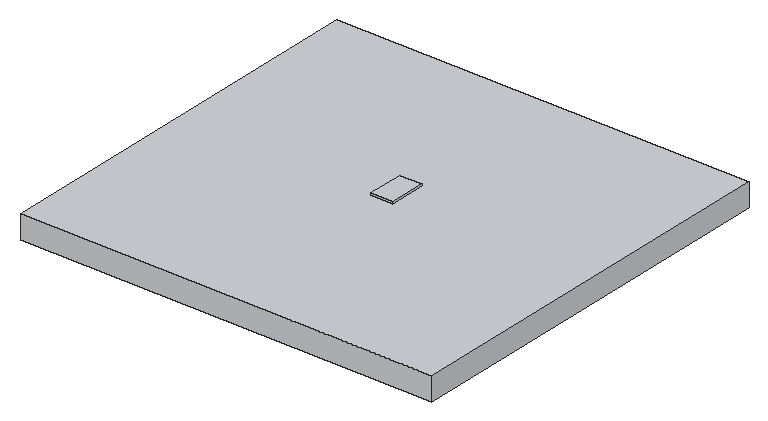
Revit family "Receptacle - BA", category Electrical Fixtures, host Face, Revit 2018
Family settings
  Host = Face
  Maintain Annotation Orientation = Yes
  Round Connector Dimension = Use Diameter
  Part Type = Normal
  Cut with Voids When Loaded = Yes
  Shared = No
  Room Calculation Point = No
Parameters (values of type "Duplex GFCI")
  Y2 [instance] = if(Mount Sideways, Faceplate Width, Faceplate Height)  # 0' - 4 1/2"
  Y1 [instance] = if(Mount Sideways, Box Width, Box Height)  # 0' - 3"
  X2 [instance] = if(Mount Sideways, Faceplate Height, Faceplate Width)  # 0' - 2 3/4"
  X1 [instance] = if(Mount Sideways, Box Height, Box Width)  # 0' - 1 1/2"
  Voltage [instance] = 120 V
  Switched = no
  Special = no
  Simplex = no
  Quad = no
  Number of Poles [instance] = 1
  Mount Sideways [instance] = no
  Load Classification [instance] = Receptacle
  GFCI = yes
  Faceplate Width = 0' - 2 3/4"
  Faceplate Height = 0' - 4 1/2"
  Duplex = yes
  Default Elevation = 3' - 6"
  Box Width = 0' - 1 1/2"
  Box Height = 0' - 3"
  Assembly Code = ""
  Apparent Load [instance] = 180 VA
Types (7): name | Voltage | Switched | Special | Simplex | Quad | GFCI | Duplex | Default Elevation
  Duplex | 120 V | no | no | no | no | no | yes | 1' - 6"
  Duplex GFCI | 120 V | no | no | no | no | yes | yes | 3' - 6"
  Simplex | 120 V | no | no | yes | no | no | no | 1' - 6"
  Quad | 120 V | no | no | no | yes | no | yes | 1' - 6"
  Quad GFCI | 120 V | no | no | no | yes | yes | yes | 3' - 6"
  Special | 208 V | no | yes | no | no | no | no | 1' - 6"
  Switched | 120 V | yes | no | no | no | no | yes | 1' - 6"
Reference planes (in)
  plane 1 "Center (Front/Back)": y = 0
  plane 2: z = 0
  plane 3 "Center (Left/Right)": x = 0
  plane 4: x = -1.375
  plane 5: x = 1.375
  plane 6: x = -0.75
  plane 7: x = 0.75
  plane 8: y = 2.25
  plane 9: y = -2.25
  plane 10: y = 1.5
  plane 11: y = -1.5
  plane 12 "level above": z = 0.1875
  plane 13 "level below": z = -2.125
Forms (in)
  Extrusion 1, solid
    sketch origin (0, 0, 0) x (1, 0, 0) y (0, 1, 0)
      loop
        line (-25.375, 22.5) -> (-25.375, -26.25) -> (25.375, -26.25) -> (25.375, 22.5) -> (-25.375, 22.5)
    from 0 to -2.86111
  Extrusion 2, solid
    sketch origin (0, 0, 0) x (1, 0, 0) y (0, 1, 0)
      loop
        line (-1.375, 2.25) -> (-1.375, -2.25) -> (1.375, -2.25) -> (1.375, 2.25) -> (-1.375, 2.25)
    from 0 to 0.1875
  Extrusion 3, solid, detail levels medium+fine
    sketch origin (0, 0, 0) x (1, 0, 0) y (0, 1, 0)
      loop
        line (-0.75, 1.5) -> (-0.75, -1.5) -> (0.75, -1.5) -> (0.75, 1.5) -> (-0.75, 1.5)
    from 0 to -2.125
Dimensions and locks (in)
  equal spacing: plane 6, plane 3 "Center (Left/Right)", plane 7
  "X1": plane 6 to plane 7
  equal spacing: plane 4, plane 3 "Center (Left/Right)", plane 5
  "X2": plane 4 to plane 5
  "Y2": plane 8 to plane 9
  locked: plane 12 "level above" to level at 0.1875
  locked: level to plane 13 "level below" at 2.125
  "Y1": plane 10 to plane 11
  equal spacing: plane 10, plane 1 "Center (Front/Back)", plane 11
  equal spacing: plane 8, plane 1 "Center (Front/Back)", plane 9
  aligned and locked: plane 2 to Extrusion 1
  aligned and locked: level to Extrusion 1
  aligned and locked: plane 8 to Extrusion 2
  aligned and locked: Extrusion 2 to plane 9
  aligned and locked: plane 5 to Extrusion 2
  aligned and locked: Extrusion 2 to plane 4
  aligned and locked: Extrusion 2 to level
  aligned and locked: plane 12 "level above" to Extrusion 2
  aligned and locked: plane 10 to Extrusion 3
  aligned and locked: Extrusion 3 to plane 6
  aligned and locked: plane 7 to Extrusion 3
  aligned and locked: Extrusion 3 to plane 11
  aligned and locked: Extrusion 3 to level
  aligned and locked: Extrusion 3 to plane 13 "level below"
Automatic sketch dimensions
  Extrusion 2 sketch curve to plane 4 = 0' - 0"
  Extrusion 2 sketch curve to plane 5 = 0' - 0"
  Extrusion 2 sketch curve to plane 9 = 0' - 0"
  Extrusion 2 sketch curve to plane 8 = 0' - 0"
  Extrusion 3 sketch curve to plane 6 = 0' - 0"
  Extrusion 3 sketch curve to plane 7 = 0' - 0"
  Extrusion 3 sketch curve to plane 11 = 0' - 0"
  Extrusion 3 sketch curve to plane 10 = 0' - 0"
  Extrusion 1 sketch curve to Extrusion 1 sketch curve = 4' - 2 3/4"
  Extrusion 1 sketch curve to Extrusion 1 sketch curve = 4' - 0 3/4"
Nested families (in)
  nested 1: "Receptacle Anno - BA" at (0, 0, 0), type "Receptacle Anno - BA"
Connectors (in)
  electrical at (0, 1.5, -1.0625), driven by "Voltage", driven by "Apparent Load", driven by "Load Classification", driven by "Apparent Load", driven by "Number of Poles"
    settings: on Extrusion 3, index 1, voltage 120 V, apparent load 180 VA, apparent load phase1 180 VA, apparent load phase2 0 VA, apparent load phase3 0 VA, power factor 1, load classification "Receptacle", number of poles 1, system type 30, power factor state 1, is connector primary yes, connector utility no, sub classification motor no, connector description ""
Definition of nested family "Receptacle Anno - BA"
  Parameters (values of type "Receptacle Anno - BA")
    Switched = no
    Special = no
    Simplex = no
    Quad = no
    GFCI = yes
    Family Type = ""
    Duplex = yes
  Reference planes (in)
    plane 1: y = 0
    plane 2: x = 0
  Lines and regions (in)
    Filled region 1, type "Solid Black", visible <- "GFCI"
      outline origin (0, 0, 0) x (1, 0, 0) y (0, 1, 0)
        loop
          arc (-0.01953, 0.00391) -> (0, 0) -> (0.01953, 0.00391) r 0.05078
          line (0.01953, 0.00391) -> (0.01953, 0.12187)
          arc (0.01953, 0.12187) -> (0, 0.125) -> (-0.01953, 0.12187) r 0.0625
          line (-0.01953, 0.12187) -> (-0.01953, 0.00391)
    Filled region 2, type "Solid Black", visible <- "Special"
      outline origin (0, 0, 0) x (1, 0, 0) y (0, 1, 0)
        loop
          line (-0.05413, 0.09375) -> (0, 0) -> (0.05413, 0.09375) -> (-0.05413, 0.09375)
    Filled region 3, type "Solid Black", visible <- "Switched"
      outline origin (0, 0, 0) x (1, 0, 0) y (0, 1, 0)
        loop
          line (-0.01953, 0.00391) -> (-0.01953, 0.12187)
          arc (-0.01953, 0.12187) -> (-0.06248, 0.06289) -> (-0.01953, 0.00391) r 0.06197
    detail lines
      curve 1: circle (0, 0.0625, 0) r 0.0625 normal (0, 0, 1)
    detail lines, visible <- "Duplex"
      curve 2: line (0.01953, 0.00313, 0) -> (0.01953, 0.1875, 0)
      curve 3: line (-0.01953, 0.00313, 0) -> (-0.01953, 0.1875, 0)
    detail lines, visible <- "Simplex"
      curve 4: line (0, 0, 0) -> (0, 0.1875, 0)
    detail lines, visible <- "Quad"
      curve 5: line (0.05937, 0.08203, 0) -> (-0.05937, 0.08203, 0)
      curve 6: line (0.05937, 0.04297, 0) -> (-0.05937, 0.04297, 0)
    detail lines, visible <- "Special"
      curve 7: line (0, 0, 0) -> (0.05413, 0.09375, 0)
      curve 8: line (0, 0, 0) -> (-0.05413, 0.09375, 0)
      curve 9: line (-0.05413, 0.09375, 0) -> (0.05413, 0.09375, 0)
  Text (in)
    label "A" at (-0.11851, 0.21491, 0), shows "Family Type"
